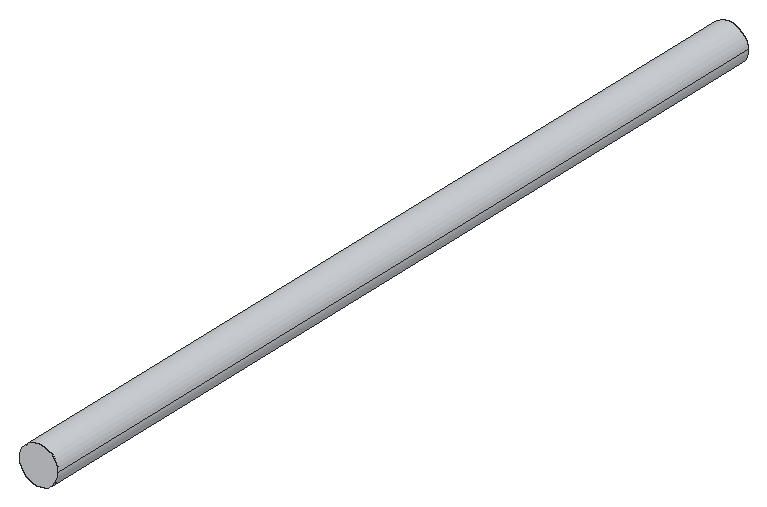
Revit family "挑檐檩", category 常规模型, Revit 2022
Family settings
  可将钢筋附着到主体 = 否
  圆形连接件大小 = 使用直径
  零件类型 = 标准
  基于工作平面 = 否
  总是垂直 = 是
  加载时剪切的空心 = 否
  保持注释方向 = 否
  共享 = 否
  房间计算点 = 否
Parameters
  默认高程 = 0 mm
  挑檐檩长 [instance] = 3600 mm
  挑檐檩直径 [instance] = 160 mm
Reference planes
  plane 1 "中心(前/后)": y = 0
  plane 2: z = 0
  plane 3 "中心(左/右)": x = 0
Forms (mm)
  Extrusion 1, solid
    sketch origin (0, 0, 0) x (1, 0, 0) y (0, 0, 1)
      loop
        circle (940.661, 301.965) r 80
    from 0 to 3600
Dimensions and locks
  "挑檐檩长": Extrusion 1 to Extrusion 1
  "挑檐檩直径": diameter of Extrusion 1 sketch curve
  aligned and locked: level to plane 2
Automatic sketch dimensions
  level to Extrusion 1 sketch curve = 301.965 mm
  plane 3 "中心(左/右)" to Extrusion 1 sketch curve = 940.661 mm
